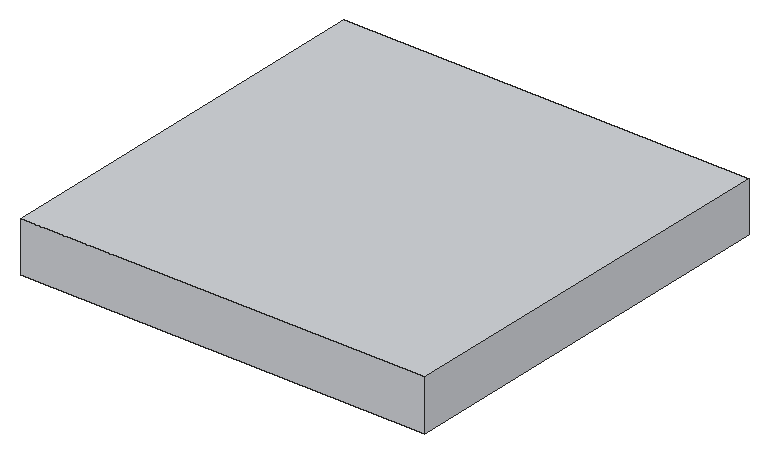
Revit family "Sanitary_Sanitary-Accessories_DELABIE_5441P-T-shaped-stainless-steel-grab-bar", category Modèles génériques, Revit 2018
Family settings
  Hôte = Face
  Peut héberger une armature = Non
  Cote de connecteur circulaire = Utiliser le diamètre
  Type d'élément = Normal
  Couper avec des vides une fois chargée = Non
  Partagée = Non
  Point de calcul de pièce = Non
Parameters
  Default Elevation = 1219.2 mm
Reference planes
  plane 1 "Centre (avant/arrière)": y = 0
  plane 2: z = 0
  plane 3 "Centre (gauche/droite)": x = 0
Forms (mm)
  Extrusion 1, solid
    sketch origin (0, 0, 0) x (1, 0, 0) y (0, 1, 0)
      loop
        line (-1219.2, 1219.2) -> (-1219.2, -1219.2) -> (1219.2, -1219.2) -> (1219.2, 1219.2) -> (-1219.2, 1219.2)
    from 0 to -304.8
Dimensions and locks
  aligned and locked: plane 2 to Extrusion 1
  aligned and locked: level to Extrusion 1
Nested families
  nested 1: "Sanitary_Sanitary-Accessories_DELABIE_5441P-T-shaped-stainless-steel-grab-bar" at (0, 0, 0), type "Default"
Definition of nested family "Sanitary_Sanitary-Accessories_DELABIE_5441P-T-shaped-stainless-steel-grab-bar"
  Parameters (values of type "Default")
    Youtube clip = ""
    Uniformat II Description = ""
    Uniformat II Code = ""
    Uniclass 2015 Name = "Sanitary accessories"
    Uniclass 2015 Code = "Pr_40_20_76"
    Uniclass 2.0 Description = ""
    Uniclass 2.0 Code = ""
    Uniclass 1.4 Description = ""
    Uniclass 1.4 Code = ""
    UNSPSC Code = "301815"
    Technical description = "https://www.delabie.com/products/5441p"
    Region South America = "AR, BO, BR, CL, CO, EC, FK, GF, GY, PE, PY, SR, UY, VE"
    Region Oceania = "AU, FJ, NC, NZ, PG, SB, TL, VU"
    Region North America = "BS, BZ, CA, CR, CU, DO, GL, GT, HN, HT, JM, MX, NI, PA, PR, SV, TT, US"
    Region Middle East = "AE, AF, EG, IL, IQ, IR, JO, KW, LB, OM, PS, QA, SA, SY, TR, YE"
    Region Europe = "AL, AT, BA, BE, BG, BY, CH, CY, CZ, DE, DK, EE, ES, FI, FR, GB, GR, HR, HU, IE, IS, IT, LT, LU, LV, MD, ME, MK, NL, NO, PL, PT, RO, RS, RU, SE, SI, SJ, SK, UA"
    Region Asia = "AM, AZ, BD, BN, BT, CN, GE, ID, IN, JP, KG, KH, KP, KR, KZ, LA, LK, MM, MN, MY, NP, PH, PK, TH, TJ, TM, TW, UZ, VN"
    Region Antarctica = "TF"
    Region Africa = "AO, BF, BI, BJ, BW, CD, CF, CG, CI, CM, DJ, DZ, EH, ER, ET, GA, GH, GM, GN, GQ, GW, KE, LR, LS, LY, MA, MG, ML, MR, MW, MZ, NA, NE, NG, RW, SD, SL, SN, SO, SS, SZ, TD, TG, TN, TZ, UG, ZA, ZM, ZW"
    QR code = "http://bimobject.com/delabie/product/5441P"
    Product url = "https://www.delabie.com/products/5441p"
    Product name = "5441P T shaped stainless steel grab bar with sliding vertical bar"
    Product group = "Accessibility"
    Product family = "Sanitary"
    Product data url = "https://bimobject.com/delabie/product/5441P"
    Product certification = "https://www.delabie.com/products/5441p"
    Product SKU = "5441P"
    Product Guid = "2d577e1d-9661-454c-8720-9679a46b4a36"
    OmniClass Description = "Physically Challenged Toilet Grab Bars"
    OmniClass Code = "23-25 45 11 25 15"
    NBS Reference Description = ""
    NBS Reference Code = ""
    Material secondary = ""
    Material main = "Stainless steel"
    Masterformat 2014 Description = ""
    Masterformat 2014 Code = ""
    Manufacturer name = "DELABIE"
    Manufacturer country = ""
    Installation instructions = "https://www.delabie.com/products/5441p"
    IFC Classification = "Furnishing Element"
    GTIN code = "https://3456330180221"
    Edition number = 1
    Design country = "France"
    Date of publishing = ""
    COBIe Type Category = ""
    Brand url = "http://www.delabie.com"
    BOS_1_Visibility = yes
    BOS_1_Material = none
    BOS_0_Visibility = yes
    BOS_0_Material = none
    BIMobject main category code = "sanitary"
    BIMobject main category = "Sanitary"
    BIMobject category code = "sanitary-accessories1"
    BIMobject category = "Sanitary Accessories"
  Reference planes
    plane 1 "Center Front/Back": y = 0
    plane 2: z = 0
    plane 3 "Center Left/Right": x = 0
  Dimensions and locks
    aligned and locked: level to plane 2
  Imported bodies without a history: 1
